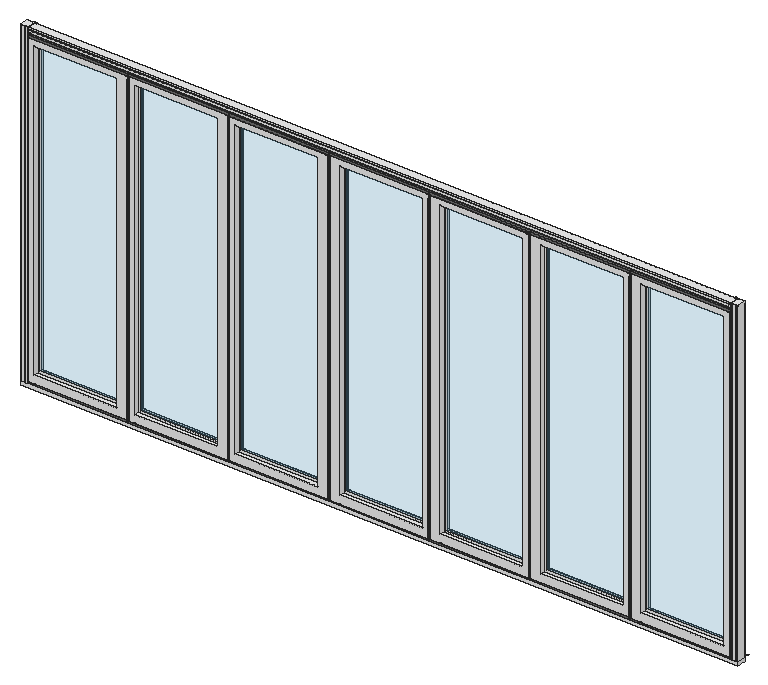
Revit family "Door-NanaWall-Reinforced-647_V1", category Doors, host Wall, Revit 2019
Family settings
  Host = Wall
  OmniClass Number = 23.30.10.17.17
  OmniClass Title = Folding Doors and Grilles
  Always vertical = Yes
  Cut with Voids When Loaded = No
  Shared = No
  Room Calculation Point = No
Parameters (values of type "Standard")
  c Up offset [instance] = 51.00 mm  # constant formula
  c Top Frame width [instance] = Width - c Top Frame Lat Offset * 2  # 5375.40 mm
  c Top Frame Lat Offset = 55.50 mm  # constant formula
  c Stack CL offset [instance] = 49.00 mm  # constant formula
  c Right Multiple Panels [instance] = and(c Closed, Right Stack Actual > 1)  # yes
  c Left Multiple Panels [instance] = and(c Closed, Left Stack Actual > 1)  # yes
  c Lat Stack Second Panel Offset [instance] = 105.00 mm  # constant formula
  c Lat Stack Panel first Offset [instance] = 66.50 mm  # constant formula
  c Lat Panel offset [instance] = 55.50 mm  # constant formula
  c Lat Open Angle Panel right [instance] = (c Lat Stack Second Panel Offset * Right Stack Array)  # 420.00 mm
  c Lat Open Angle Panel left [instance] = (c Lat Stack Second Panel Offset * Left Stack Array)  # 210.00 mm
  c Hinge Right Open Single Interior [instance] = if(Open, or(Right Stack Actual = 1, Right Stack Actual = 2), 1 = 0)  # no
  c Hinge Right Open Single Exterior [instance] = if(Open, or(Right Stack Actual = 2, Right Stack Actual = 3), 1 = 0)  # no
  c Hinge Right Open Multiple Exterior [instance] = if(Open, or(Right Stack Actual > 3, Right Stack Actual > 4), 1 = 0)  # no
  c Hinge Right Open Multiple  Interior [instance] = if(Open, or(Right Stack Actual = 3, Right Stack Actual > 3), 1 = 0)  # no
  c Hinge Right Closed Single Interior [instance] = if(not(Open), or(Right Stack Actual = 1, Right Stack Actual = 2), 1 = 0)  # no
  c Hinge Right Closed Single Exterior [instance] = if(not(Open), or(Right Stack Actual = 2, Right Stack Actual = 3), 1 = 0)  # no
  c Hinge Right Closed Multiple Interior [instance] = if(not(Open), or(Right Stack Actual = 3, Right Stack Actual > 3), 1 = 0)  # yes
  c Hinge Right Closed Multiple Exterior [instance] = if(not(Open), or(Right Stack Actual > 3, Right Stack Actual > 4), 1 = 0)  # yes
  c Hinge Panel Width Double [instance] = Panel Width * 2  # 1535.829 mm
  c Hinge Offset = 33.60 mm  # constant formula
  c Hinge Left Open Single Interior [instance] = if(Open, or(Left Stack Actual = 1, Left Stack Actual = 2), 1 = 0)  # no
  c Hinge Left Open Single Exterior [instance] = if(Open, or(Left Stack Actual = 2, Left Stack Actual = 3), 1 = 0)  # no
  c Hinge Left Open Multiple Exterior [instance] = if(Open, or(Left Stack Actual > 3, Left Stack Actual > 4), 1 = 0)  # no
  c Hinge Left Open Multiple  Interior [instance] = if(Open, or(Left Stack Actual = 3, Left Stack Actual > 3), 1 = 0)  # no
  c Hinge Left Closed Single Interior [instance] = if(not(Open), or(Left Stack Actual = 1, Left Stack Actual = 2), 1 = 0)  # no
  c Hinge Left Closed Single Exterior [instance] = if(not(Open), or(Left Stack Actual = 2, Left Stack Actual = 3), 1 = 0)  # yes
  c Hinge Left Closed Multiple Exterior [instance] = if(not(Open), or(Left Stack Actual > 3, Left Stack Actual > 4), 1 = 0)  # no
  c Hinge Left CLosed Multiple Interior [instance] = if(not(Open), or(Left Stack Actual = 3, Left Stack Actual > 3), 1 = 0)  # yes
  c Hinge Array Right Multiple Interior [instance] = if(or(Right Stack Actual = 3, Right Stack Actual > 3), c Hinge Array Right Interior Safe, 2)  # 2
  c Hinge Array Right Multiple Exterior [instance] = if(or(Right Stack Actual = 4, Right Stack Actual > 3), c Hinge Array Right Exterior Safe, 2)  # 2
  c Hinge Array Right Interior Safe [instance] = roundup(Right Stack Actual / 2)  # 2
  c Hinge Array Right Exterior Safe [instance] = rounddown(Right Stack Actual / 2)  # 2
  c Hinge Array Left Multiple Interior [instance] = if(or(Left Stack Actual = 3, Left Stack Actual > 3), c Hinge Array Left Interior Safe, 2)  # 2
  c Hinge Array Left Multiple Exterior [instance] = if(or(Left Stack Actual = 4, Left Stack Actual > 3), c Hinge Array Left Exterior Safe, 2)  # 2
  c Hinge Array Left Interior Safe [instance] = roundup(Left Stack Actual / 2)  # 2
  c Hinge Array Left Exterior Safe [instance] = rounddown(Left Stack Actual / 2)  # 1
  c Half Panel Height [instance] = Panel Height / 2  # 1193.70 mm
  c Front offset [instance] = Exterior Wall Offset + 500.00 mm  # 500.00 mm
  c Down Offset = if(Constraints = 1, 0.00 mm, if(Constraints = 2, 12.50 mm, if(Constraints = 3, 2.00 mm, 12.50 mm)))  # 0.00 mm
  Y N Override Stack [instance] = no
  Y N Override Number of Panels [instance] = no
  Width [instance] = 5486.40 mm
  Warranty URL = "http://www.nanawall.com/support/warranty"
  Thickness = 67.20 mm  # constant formula
  Support Phone = "1-224-699-9545"  # constant formula
  Support Email = "mailto: support@anguleris.com"
  Single Right Arrow [instance] = and(Right Stack Actual = 1, not(Open))  # no
  Single Left Arrow [instance] = and(Left Stack Actual = 1, not(Open))  # no
  Sill = Metal - NanaWall - Aluminum
  Rough Width [instance] = Width - (2 * (c Lat Panel offset))  # 5375.40 mm
  Rough Height [instance] = Height - 50.998 mm  # 2387.402 mm
  Right Stack Swing Visivility [instance] = if(and(Open, not(Right Even Constraint), not(Single Right Stack)), 1 = 1, 1 = 0)  # no
  Right Stack Swing Location [instance] = (Panel Width * Right Stack Array)  # 3071.657 mm
  Right Even Constraint [instance] = roundup(Right Stack Actual / 2) = Right Stack Actual / 2  # yes
  Right Detail Door Panel [instance] = and(not(Single Panel), if(Open, 1 = 0, if(roundup(Right Stack Actual / 2) = Right Stack Actual / 2, 1 = 0, 1 = 1)))  # no
  Panels Array Constraint [instance] = if(Panels < 2, 2, Panels)  # 7
  Panel Number Constraint [instance] = if(Width < 1397.00 mm, 2, if(Width < 2082.80 mm, 2, if(Width < 2794.00 mm, 3, if(Width < 3479.80 mm, 4, if(Width < 4216.40 mm, 5, if(Width < 4876.80 mm, 6, if(Width < 5588.00 mm, 7, if(Width < 6273.80 mm, 8, if(Width < 6959.60 mm, 10, if(Width < 10058.40 mm, 11, if(Width < 10972.80 mm, 12, if(Width < 11887.20 mm, 13, if(Width < 12801.60 mm, 14, if(Width < 13716.00 mm, 15, if(Width < 14630.40 mm, 16, if(Width < 15544.80 mm, 17, if(Width < 16459.20 mm, 18, if(Width < 17373.60 mm, 19, if(Width < 18288.00 mm, 20, 21)))))))))))))))))))  # 7
  Left Detail Door Panel [instance] = and(not(Single Panel), if(Open, 1 = 0, if(roundup(Left Stack Actual / 2) = Left Stack Actual / 2, 1 = 0, 1 = 1)))  # yes
  Left Detail Door [instance] = if(Open, 1 = 0, if(roundup(Left Stack Actual / 2) = Left Stack Actual / 2, 1 = 0, 1 = 1))  # yes
  URL = "http://www.nanawall.com/"
  U Value = 0.27
  Subcategory = "Folding Door"  # constant formula
  Split Stack Right [instance] = 2
  Split Stack Left [instance] = if(Panels - Split Stack Right < 0, 0, if(Panels - Split Stack Right > Panels, Panels, Panels - Split Stack Right))  # 5
  Single Right Stack [instance] = and(Right Stack Actual = 1, Open)  # no
  Single Panel [instance] = if(and(not(Open), Width < 992.188 mm), 1 = 1, if(Width > 990.60 mm, 1 = 0, 1 = 0))  # no
  Single Left Stack [instance] = and(Left Stack Actual = 1, Open)  # no
  Sills Available = "Low Profile Saddle Sill, Intermediate Sill, Flush Sill, Low Profile Saddle Sill  Universill"  # constant formula
  Sash = Metal - NanaWall - Aluminum
  Right Detail Door [instance] = if(Open, 1 = 0, if(roundup(Right Stack Actual / 2) = Right Stack Actual / 2, 1 = 0, 1 = 1))  # no
  Right Stack Array [instance] = if(Right Stack Actual < 2, 2, if(not(Right Even Constraint), Right Stack Actual - 1, Right Stack Actual))  # 4
  Right Stack Actual [instance] = if(not(Y N Override Stack), roundup(Panels / 2), if(Split Stack Right < 0, 0, if(Split Stack Right > Panels, Panels, Split Stack Right)))  # 4
  Product Page URL = "https://www.nanawall.com/products/nw-reinforced-647"
  Performance URL = "https://www.nanawall.com/products/nw-reinforced-647/performance"
  Panels [instance] = if(Y N Override Number of Panels, Override Number of Panels, Panel Number Constraint)  # 7
  Panel Width [instance] = (Width - c Lat Panel offset * 2) / Panels  # 767.914 mm
  Panel Height [instance] = Height Constraint - (c Up offset + c Down Offset)  # 2387.40 mm
  Override Number of Panels [instance] = 6
  Opening Width [instance] = Width - (c Lat Panel offset * 2)  # 5375.40 mm
  Open [instance] = no
  NanaWall Configurator = ""
  Multiple Right Stack [instance] = and(Right Stack Actual > 1, Open)  # no
  Multiple Panel [instance] = if(and(Open, Width > 992.188 mm), 1 = 0, if(and(not(Open), Width > 992.188 mm), 1 = 1, if(Width < 990.60 mm, 1 = 0, 1 = 1)))  # yes
  Multiple Left Stack [instance] = and(Left Stack Actual > 1, Open)  # no
  Model = "NW Reinforced 647"  # constant formula
  Max Panel Height [instance] = if(Panel Height > 2895.60 mm, 2895.60 mm, Panel Height)  # 2387.40 mm
  Manufacturer Toll Free Phone = "(888) 411-NANA(6262)"  # constant formula
  Manufacturer Phone = "(415) 383-3148"  # constant formula
  Manufacturer Fax = "(415) 383-0312"  # constant formula
  Manufacturer Email = "mailto:info@nanawall.com"
  Manufacturer Address = "100 Meadowcreek Drive #250, Corte Madera, CA 94925"  # constant formula
  Manufacturer = "NanaWall Systems, Inc."  # constant formula
  Left Stack Width [instance] = Left Stack Array * Thickness  # 134.40 mm
  Left Stack Swing Visivility [instance] = if(and(Open, not(Left Even Constraint), not(Single Left Stack)), 1 = 1, 1 = 0)  # no
  Left Stack Swing Location [instance] = (Panel Width * Left Stack Actual)  # 2303.743 mm
  Left Stack Array [instance] = if(Left Stack Actual < 2, 2, if(not(Left Even Constraint), Left Stack Actual - 1, Left Stack Actual))  # 2
  Left Stack Actual [instance] = if(not(Y N Override Stack), rounddown(Panels / 2), if(Split Stack Left < 0, 0, if(Split Stack Left > Panels, Panels, Split Stack Left)))  # 3
  Left Even Constraint [instance] = roundup(Left Stack Actual / 2) = Left Stack Actual / 2  # no
  Keynote = "08 14 73"  # constant formula
  Installation and Service URL = "http://www.nanawall.com/support/installer"
  Height Constraint [instance] = if(Height < 990.60 mm, 990.60 mm, if(Height > 2895.60 mm, 2895.60 mm, Height))  # 2438.40 mm
  Wall Closure = By host
  Height [instance] = 2438.40 mm
  Half Panel Width [instance] = Panel Width / 2  # 383.957 mm
  Glazing Options = ""
  Glass Material = Glass - NanaWall - Generic
  Filler = Rubber - NanaWall - Black
  Exterior Wall Offset [instance] = 0.00 mm
  Engineering Details URL = "https://www.nanawall.com/products/nw-reinforced-647/resources"
  Right Detail Door Location [instance] = Panel Width * Right Stack Actual  # 3071.657 mm
  Left Detail Door Location [instance] = Panel Width * Left Stack Actual  # 2303.743 mm
  Disclaimer = "Please note that the Revit model is for schematic purposes only.  To obtain a detailed 3D model, please go to the NanaWall's configurator at www.nanawall.com."  # constant formula
  Description = "Slim Aluminum Framed Folding Glass Wall for Mid-Rise Buildings"  # constant formula
  Cost Info = "https://www.nanawall.com/request-an-estimate"
  Constraints = 1
  Clearance On [instance] = no
  c Closed [instance] = not(Open)  # yes
  Assembly Code = "B2050.4010"
  Multiple Right Arrows [instance] = and(Right Stack Actual > 1, not(Open))  # yes
  Multiple Left Arrows [instance] = and(Left Stack Actual > 1, not(Open))  # yes
  Analytic Construction = "<None>"
  95 CSI = "8411"  # constant formula
  04 CSI = "08 41 13"  # constant formula
Reference planes
  plane 1 "Center (Front/Back)": y = 9
  plane 2 "Center (Left/Right)": x = 0
  plane 3 "Top": z = 2438.4
  plane 4: z = 0
  plane 5 "Left": x = -2743.2
  plane 6 "Right": x = 2743.2
  plane 7: z = 0
  plane 8: z = 2387.4
  plane 9: y = -423.8
  plane 10: y = 42.6
  plane 11: y = 76.2
  plane 12: x = 2687.7
  plane 13: x = -2687.7
  plane 14: x = -2676.7
  plane 15: y = -6.4
  plane 16: x = -2571.7
  plane 17: x = 2676.7
  plane 18: x = 2571.7
  plane 19: x = -2466.7
  plane 20: x = 2256.7
  plane 21: x = -1919.786
  plane 22: x = -383.957
  plane 23: x = -383.957
  plane 24: x = -2303.743
  plane 25: x = -1535.829
  plane 26: x = 2303.743
  plane 27: x = 1535.829
  plane 28: z = 1193.7
  plane 29: y = 191.562
  plane 30: x = 1919.786
  plane 31: x = 2687.7
  plane 32: x = -2687.7
  plane 33: y = 76.2
  plane 34: x = -2695.6
  plane 35: x = -2485.6
  plane 36: x = -2590.6
  plane 37: x = -2380.6
  plane 38: x = 2695.6
  plane 39: x = 2485.6
  plane 40: x = 2590.6
  plane 41: x = 2380.6
Lines and regions (mm)
  Opening 1
    outline origin (-2108.2, -76.2, 0) x (1, 0, 0) y (0, 0, 1)
      loop
        line (-635, 0) -> (4851.4, 0) -> (4851.4, 2438.4) -> (-635, 2438.4) -> (-635, 0)
  reference lines
    curve 1: line (-2466.7, -6.4, 0) -> (-2371.642, -780.586, 0)
    curve 2: line (-2466.7, -6.4, 0) -> (-2454.557, -4.909, 0)
    curve 3: line (2256.7, -6.4, 0) -> (2227.451, -244.611, 0)
    curve 4: line (2256.7, -6.4, 0) -> (2197.147, 0.912, 0)
Text (mm)
  text "Exterior" at (-3623.391, 1972.959, 0), in view "Ref. Level"
  text "Interior" at (-3623.391, -1928.858, 0), in view "Ref. Level"
  text "Exterior" at (0, 1019.848, 3124.603), in view "Right"
  text "Interior" at (0, -1635.541, 3124.603), in view "Right"
  text "Interior" at (0, -787.806, 3124.376), in view "Left"
  text "Exterior" at (0, 1386.095, 3124.376), in view "Left"
Dimensions and locks
  "Height Constraint": plane 4 to plane 3 "Top"
  "Width": plane 6 "Right" to plane 5 "Left"
  equal spacing: plane 6 "Right", plane 2 "Center (Left/Right)", plane 5 "Left"
  "c Up offset": plane 3 "Top" to plane 8
  "c Down Offset": plane 7 to plane 4
  equal spacing: plane 1 "Center (Front/Back)", plane 10, plane 11
  "Thickness": plane 1 "Center (Front/Back)" to plane 11
  "c Lat Panel offset": plane 5 "Left" to plane 13
  "c Lat Panel offset": plane 12 to plane 6 "Right"
  "c Lat Stack Panel first Offset": plane 5 "Left" to plane 14
  "c Stack CL offset": plane 10 to plane 15
  "c Lat Stack Second Panel Offset": plane 14 to plane 16
  "c Lat Stack Second Panel Offset": plane 17 to plane 18
  "c Lat Stack Panel first Offset": plane 17 to plane 6 "Right"
  "c Lat Open Angle Panel left": plane 14 to plane 19
  "Panel Width": plane 13 to plane 21
  "Half Panel Width": plane 13 to plane 24
  "Panel Width": plane 24 to plane 25
  "Half Panel Width": plane 26 to plane 12
  "Panel Width": plane 27 to plane 26
  equal spacing: group 21, group 20, group 5, group 4
  equal spacing: group 4, group 5, group 20, group 21  (x2)
  group 6 to group 7 = 767.914 mm
  group 6 to group 7 = 0.00 mm  (x2)
  group 8 to group 9 = 105.00 mm
  group 8 to group 9 = 0.00 mm  (x2)
  "Left Stack Swing Location": plane 13 to plane 23
  "Right Detail Door Location": plane 22 to plane 12
  "c Half Panel Height": plane 7 to plane 28
  group 10 to group 11 = 767.914 mm
  group 10 to group 11 = 0.00 mm  (x2)
  equal spacing: group 23, group 22, group 13, group 12
  equal spacing: group 12, group 13, group 22, group 23  (x2)
  locked: plane 1 "Center (Front/Back)" to plane 29 at 182.562
  equal spacing: group 25, group 24, group 15, group 14
  equal spacing: group 14, group 15, group 24, group 25  (x2)
  group 16 to group 17 = 767.914 mm
  group 16 to group 17 = 0.00 mm  (x2)
  equal spacing: group 27, group 26, group 19, group 18
  equal spacing: group 18, group 19, group 26, group 27  (x2)
  "Panel Width": plane 30 to plane 12
  "c Top Frame Lat Offset": plane 6 "Right" to plane 31
  "c Top Frame Lat Offset": plane 32 to plane 5 "Left"
  locked: plane 9 to plane 33 at 500
  "c Front offset": plane 11 to plane 9
  group 28 to group 29 = 1535.829 mm
  group 28 to group 29 = 0.00 mm  (x2)
  "c Hinge Panel Width Double": nested 51 to nested 57
  group 30 to group 31 = 1535.829 mm
  group 30 to group 31 = 0.00 mm  (x2)
  "c Hinge Panel Width Double": nested 49 to nested 58
  group 33 to group 32 = 1535.829 mm
  group 32 to group 33 = 0.00 mm  (x2)
  "c Hinge Panel Width Double": nested 59 to nested 56
  group 35 to group 34 = 1535.829 mm
  group 34 to group 35 = 0.00 mm  (x2)
  "c Hinge Panel Width Double": nested 60 to nested 54
  "c Lat Open Angle Panel right": plane 20 to plane 17
  locked: plane 34 to plane 14 at 18.9
  locked: plane 34 to plane 35 at 210
  group 36 to group 37 = 210.00 mm
  group 36 to group 37 = 0.00 mm  (x2)
  locked: plane 36 to plane 16 at 18.9
  locked: plane 36 to plane 37 at 210
  group 38 to group 39 = 210.00 mm
  group 38 to group 39 = 0.00 mm  (x2)
  locked: plane 17 to plane 38 at 18.9
  locked: plane 39 to plane 38 at 210
  group 41 to group 40 = 210.00 mm
  group 40 to group 41 = 0.00 mm  (x2)
  locked: plane 18 to plane 40 at 18.9
  locked: plane 41 to plane 40 at 210
  group 43 to group 42 = 210.00 mm
  group 42 to group 43 = 0.00 mm  (x2)
  locked: plane 15 to curve 2 (angle 7.00°)
  locked: curve 1 to curve 2 (angle 90.00°)
  locked: curve 4 to plane 15 (angle 7.00°)
  locked: curve 4 to curve 3 (angle 90.00°)
  aligned and locked: plane 5 "Left" to Opening 1 sketch curve
  aligned and locked: Opening 1 sketch curve to plane 3 "Top"
  aligned and locked: Opening 1 sketch curve to plane 6 "Right"
  aligned and locked: plane 4 to Opening 1 sketch curve
  aligned and locked: nested 8 to plane 6 "Right"
  aligned and locked: plane 3 "Top" to nested 8
  aligned and locked: nested 7 to plane 3 "Top"
  aligned and locked: nested 9 to plane 3 "Top"
  aligned and locked: nested 9 to plane 10
  aligned and locked: nested 7 to plane 10
  aligned and locked: plane 10 to nested 8
  aligned and locked: nested 10 to plane 17
  aligned and locked: nested 10 to plane 7
  aligned and locked: nested 11 to plane 7
  aligned and locked: nested 7 to plane 5 "Left"
  aligned and locked: nested 12 to plane 10
  aligned and locked: plane 7 to nested 12
  aligned and locked: nested 12 to plane 13
  aligned and locked: nested 10 to plane 15
  aligned and locked: nested 11 to plane 15
  aligned and locked: plane 15 to nested 16
  aligned and locked: plane 14 to nested 16
  aligned and locked: plane 7 to nested 16
  aligned and locked: nested 14 to plane 7
  aligned and locked: plane 7 to nested 15
  aligned and locked: nested 14 to plane 15
  aligned and locked: nested 14 to plane 17
  aligned and locked: plane 15 to curve 2
  aligned and locked: plane 19 to curve 2
  aligned and locked: nested 15 to curve 1
  aligned and locked: nested 15 to curve 2
  aligned and locked: plane 20 to curve 3
  aligned and locked: plane 15 to curve 3
  aligned and locked: nested 17 to curve 3
  aligned and locked: nested 17 to curve 4
  aligned and locked: nested 17 to plane 7
  aligned and locked: plane 1 "Center (Front/Back)" to nested 13
  aligned and locked: plane 26 to nested 18
  aligned and locked: plane 27 to nested 19
  aligned and locked: plane 24 to nested 20
  aligned and locked: plane 25 to nested 21
  aligned and locked: nested 22 to plane 14  (x2)
  aligned and locked: plane 15 to nested 22
  aligned and locked: plane 15 to nested 23
  aligned and locked: nested 22 to plane 7
  aligned and locked: nested 23 to plane 7
  aligned and locked: nested 24 to plane 1 "Center (Front/Back)"
  aligned and locked: nested 1 to plane 7
  aligned and locked: plane 7 to nested 2
  aligned and locked: plane 29 to nested 20
  aligned and locked: plane 29 to nested 21
  aligned and locked: nested 18 to plane 29
  aligned and locked: nested 19 to plane 29
  aligned and locked: plane 24 to nested 25
  aligned and locked: plane 29 to nested 25
  aligned and locked: plane 26 to nested 26
  aligned and locked: nested 26 to plane 29
  aligned and locked: nested 13 to plane 23
  aligned and locked: nested 24 to plane 22
  aligned and locked: nested 2 to plane 23
  aligned and locked: nested 1 to plane 23
  aligned and locked: nested 27 to plane 24
  aligned and locked: plane 28 to nested 27
  aligned and locked: nested 29 to plane 24
  aligned and locked: plane 28 to nested 29
  aligned and locked: nested 30 to plane 28
  aligned and locked: nested 30 to plane 26
  aligned and locked: nested 32 to plane 28
  aligned and locked: nested 32 to plane 26
  aligned and locked: nested 28 to plane 25
  aligned and locked: nested 31 to plane 27
  aligned and locked: nested 31 to plane 28
  aligned and locked: plane 28 to nested 28
  aligned and locked: nested 11 to plane 17
  aligned and locked: nested 33 to plane 15
  aligned and locked: plane 18 to nested 33
  aligned and locked: plane 7 to nested 33
  aligned and locked: nested 34 to plane 7
  aligned and locked: nested 34 to plane 13
  aligned and locked: nested 35 to plane 21
  aligned and locked: nested 35 to plane 7
  aligned and locked: plane 12 to nested 36
  aligned and locked: plane 7 to nested 36
  aligned and locked: plane 7 to nested 37
  aligned and locked: plane 1 "Center (Front/Back)" to nested 36
  aligned and locked: plane 1 "Center (Front/Back)" to nested 37
  aligned and locked: nested 34 to plane 1 "Center (Front/Back)"
  aligned and locked: nested 37 to plane 30
  aligned and locked: nested 39 to plane 23
  aligned and locked: nested 38 to plane 22
  aligned and locked: plane 7 to nested 38
  aligned and locked: nested 39 to plane 7
  aligned and locked: nested 39 to plane 1 "Center (Front/Back)"
  aligned and locked: plane 1 "Center (Front/Back)" to nested 38
  aligned and locked: nested 35 to plane 1 "Center (Front/Back)"
  aligned and locked: plane 16 to nested 23
  aligned and locked: plane 31 to nested 9
  aligned and locked: plane 33 to host wall
  aligned and locked: nested 48 to plane 10
  aligned and locked: plane 1 "Center (Front/Back)" to nested 52
  aligned and locked: plane 32 to nested 52
  aligned and locked: plane 32 to nested 51
  aligned and locked: plane 1 "Center (Front/Back)" to nested 51
  aligned and locked: nested 51 to nested 57
  aligned and locked: plane 11 to nested 50
  aligned and locked: plane 21 to nested 50
  aligned and locked: plane 21 to nested 49
  aligned and locked: plane 11 to nested 49
  aligned and locked: nested 49 to nested 58
  aligned and locked: plane 31 to nested 55
  aligned and locked: nested 55 to plane 1 "Center (Front/Back)"
  aligned and locked: plane 31 to nested 56
  aligned and locked: nested 56 to plane 1 "Center (Front/Back)"
  aligned and locked: nested 56 to nested 59
  aligned and locked: plane 30 to nested 53
  aligned and locked: nested 53 to plane 11
  aligned and locked: plane 30 to nested 54
  aligned and locked: nested 54 to plane 11
  aligned and locked: nested 54 to nested 60
  aligned and locked: nested 62 to plane 34
  aligned and locked: nested 62 to plane 15
  aligned and locked: nested 61 to plane 34
  aligned and locked: nested 61 to plane 15
  aligned and locked: nested 61 to nested 69
  aligned and locked: nested 69 to plane 35
  aligned and locked: nested 64 to plane 36
  aligned and locked: nested 22 to nested 64
  aligned and locked: nested 63 to nested 23
  aligned and locked: nested 63 to plane 36
  aligned and locked: nested 63 to nested 70
  aligned and locked: nested 70 to plane 37
  aligned and locked: nested 66 to plane 15
  aligned and locked: nested 66 to plane 38
  aligned and locked: nested 65 to plane 15
  aligned and locked: nested 65 to plane 38
  aligned and locked: nested 71 to plane 39
  aligned and locked: nested 67 to plane 40
  aligned and locked: nested 67 to nested 11
  aligned and locked: nested 68 to plane 40
  aligned and locked: nested 33 to nested 68
  aligned and locked: nested 72 to nested 68
  aligned and locked: nested 72 to plane 41
  aligned and locked: nested 71 to nested 65
Nested families
  nested 1: "DetailItem_Door_Elevation" at (385.107, -76.2, 2327.512) x (-1, 0, 0) z (0, -1, 0), visible <- "Right Detail Door", type "DetailItem_Door_Elevation"
    with Panel Width 767.914 mm, Panel Heigth 2387.40 mm
  nested 2: "DetailItem_Door_Elevation" at (-1153.021, -76.2, 2327.512) x (1, 0, 0) z (0, -1, 0), visible <- "Left Detail Door", type "DetailItem_Door_Elevation"
    with Panel Width 767.914 mm, Panel Heigth 2387.40 mm
  nested 3: "Sash" at (-804.034, -377.645, 0) x (-0.1219, 0.9925, 0) z (0, 0, 1), visible <- "Left Stack Swing Visivility", type "Sash_SL-60_NanaWall", not visible
    with Width 767.914 mm, Height 2387.40 mm
  nested 4: "DetailItem_Panel" at (-1007.517, -388.438, 0) x (-0.9925, -0.1219, 0) z (0, 0, 1), visible <- "Left Stack Swing Visivility", type "DetailItem_Panel", not visible
    with Panel Thickness 90.488 mm, Panel Width 767.914 mm
  nested 5: "Sash" at (807.749, -485.405, 0) x (0.1219, 0.9925, 0) z (0, 0, 1), visible <- "Right Stack Swing Visivility", type "Sash_SL-60_NanaWall", not visible
    with Width 767.914 mm, Height 2387.40 mm
  nested 6: "DetailItem_Panel" at (1011.231, -496.199, 0) x (0.9925, -0.1219, 0) z (0, 0, 1), visible <- "Right Stack Swing Visivility", type "DetailItem_Panel", not visible
    with Panel Thickness 90.488 mm, Panel Width 767.914 mm
  nested 7: "Jamb" at (-2557.727, 49.152, 0), type "Left-Jamb_SL-60"
    with Height 2438.40 mm
  nested 8: "Jamb" at (2557.727, 49.152, 0) x (-1, 0, 0) z (0, 0, 1), type "Left-Jamb_SL-60"
    with Height 2438.40 mm
  nested 9: "Header" at (185.473, 55.129, 2438.4), type "Header_SL-60"
    with Width 5375.40 mm, Height 2438.40 mm
  nested 10: "Sash" at (2849.675, -390.044, 0) x (0, -1, 0) z (0, 0, 1), visible <- "Multiple Right Stack", type "Sash_SL-60_NanaWall"
    with Width 767.914 mm, Height 2387.40 mm
  nested 11: "Sash" at (2849.675, -390.044, 0) x (0, -1, 0) z (0, 0, 1), visible <- "Multiple Right Stack", type "Sash_SL-60_NanaWall"
    with Width 767.914 mm, Height 2387.40 mm
  nested 12: "Sash" at (-0.314, -163.975, 0), visible <- "Single Panel", type "Sash_SL-60_NanaWall full"
    with Width 5375.40 mm, Height 2387.40 mm
  nested 13: "DetailItem_Door_Plan" at (-1153.021, -50.888, 0), visible <- "Left Detail Door", type "DetailItem_Door_Plan"
    with Panel Width 767.914 mm, C_Arrow 383.957 mm
  nested 14: "Sash" at (2849.675, -390.044, 0) x (0, -1, 0) z (0, 0, 1), visible <- "Single Right Stack", type "Sash_SL-60_NanaWall"
    with Width 767.914 mm, Height 2387.40 mm
  nested 15: "Sash" at (-2591.631, -408.264, 0) x (0.1219, -0.9925, 0) z (0, 0, 1), visible <- "Left Stack Swing Visivility", type "Sash_SL-60_NanaWall"
    with Width 767.914 mm, Height 2387.40 mm
  nested 16: "Sash" at (-2849.675, -390.044, 0) x (0, -1, 0) z (0, 0, 1), visible <- "Single Left Stack", type "Sash_SL-60_NanaWall"
    with Width 767.914 mm, Height 2387.40 mm
  nested 17: "Sash" at (2381.631, -408.264, 0) x (-0.1219, -0.9925, 0) z (0, 0, 1), visible <- "Right Stack Swing Visivility", type "Sash_SL-60_NanaWall"
    with Width 767.914 mm, Height 2387.40 mm
  nested 18: "DetailItem_arrow" at (2686.55, 149.851, 0), visible <- "Multiple Right Arrows", type "DetailItem_arrow"
    with Separation constraint 383.957 mm
  nested 19: "DetailItem_arrow" at (1918.636, 149.851, 0), visible <- "Multiple Right Arrows", type "DetailItem_arrow"
    with Separation constraint 383.957 mm
  nested 20: "DetailItem_arrow" at (-2686.55, 149.851, 0) x (-1, 0, 0) z (0, 0, 1), visible <- "Multiple Left Arrows", type "DetailItem_arrow"
    with Separation constraint 383.957 mm
  nested 21: "DetailItem_arrow" at (-1918.636, 149.851, 0) x (-1, 0, 0) z (0, 0, 1), visible <- "Multiple Left Arrows", type "DetailItem_arrow"
    with Separation constraint 383.957 mm
  nested 22: "Sash" at (-2849.675, -390.671, 0) x (0, 1, 0) z (0, 0, 1), visible <- "Multiple Left Stack", type "Sash_SL-60_NanaWall"
    with Width 767.914 mm, Height 2387.40 mm
  nested 23: "Sash" at (-2744.675, -390.671, 0) x (0, 1, 0) z (0, 0, 1), visible <- "Multiple Left Stack", type "Sash_SL-60_NanaWall"
    with Width 767.914 mm, Height 2387.40 mm
  nested 24: "DetailItem_Door_Plan" at (385.107, -50.888, 0) x (-1, 0, 0) z (0, 0, 1), visible <- "Right Detail Door", type "DetailItem_Door_Plan"
    with Panel Width 767.914 mm, C_Arrow 383.957 mm
  nested 25: "DetailItem_arrow" at (-2686.55, 149.851, 0) x (-1, 0, 0) z (0, 0, 1), visible <- "Single Left Arrow", type "DetailItem_arrow"
    with Separation constraint 383.957 mm
  nested 26: "DetailItem_arrow" at (2686.55, 149.851, 0), visible <- "Single Right Arrow", type "DetailItem_arrow"
    with Separation constraint 383.957 mm
  nested 27: "DetailItem_arrow" at (-2686.55, -76.2, 1235.412) x (-1, 0, 0) z (0, -1, 0), visible <- "Multiple Left Arrows", type "DetailItem_arrow"
    with Separation constraint 383.957 mm
  nested 28: "DetailItem_arrow" at (-1918.636, -76.2, 1235.412) x (-1, 0, 0) z (0, -1, 0), visible <- "Multiple Left Arrows", type "DetailItem_arrow"
    with Separation constraint 383.957 mm
  nested 29: "DetailItem_arrow" at (-2686.55, -76.2, 1235.412) x (-1, 0, 0) z (0, -1, 0), visible <- "Single Left Arrow", type "DetailItem_arrow"
    with Separation constraint 383.957 mm
  nested 30: "DetailItem_arrow" at (2686.55, -76.2, 1235.412) x (1, 0, 0) z (0, -1, 0), visible <- "Multiple Right Arrows", type "DetailItem_arrow"
    with Separation constraint 383.957 mm
  nested 31: "DetailItem_arrow" at (1918.636, -76.2, 1235.412) x (1, 0, 0) z (0, -1, 0), visible <- "Multiple Right Arrows", type "DetailItem_arrow"
    with Separation constraint 383.957 mm
  nested 32: "DetailItem_arrow" at (2686.55, -76.2, 1235.412) x (1, 0, 0) z (0, -1, 0), visible <- "Single Right Arrow", type "DetailItem_arrow"
    with Separation constraint 383.957 mm
  nested 33: "Sash" at (2744.675, -390.044, 0) x (0, -1, 0) z (0, 0, 1), visible <- "Multiple Right Stack", type "Sash_SL-60_NanaWall"
    with Width 767.914 mm, Height 2387.40 mm
  nested 34: "Sash" at (-2304.056, -163.975, 0), visible <- "c Left Multiple Panels", type "Sash_SL-60_NanaWall"
    with Width 767.914 mm, Height 2387.40 mm
  nested 35: "Sash" at (-1536.142, -163.975, 0), visible <- "c Left Multiple Panels", type "Sash_SL-60_NanaWall"
    with Width 767.914 mm, Height 2387.40 mm
  nested 36: "Sash" at (2304.056, -163.975, 0) x (-1, 0, 0) z (0, 0, 1), visible <- "c Right Multiple Panels", type "Sash_SL-60_NanaWall"
    with Width 767.914 mm, Height 2387.40 mm
  nested 37: "Sash" at (1536.142, -163.975, 0) x (-1, 0, 0) z (0, 0, 1), visible <- "c Right Multiple Panels", type "Sash_SL-60_NanaWall"
    with Width 767.914 mm, Height 2387.40 mm
  nested 38: "Sash" at (0.314, -163.975, 0) x (-1, 0, 0) z (0, 0, 1), visible <- "Right Detail Door Panel", type "Sash_SL-60_NanaWall"
    with Width 767.914 mm, Height 2387.40 mm
  nested 39: "Sash" at (-768.228, -163.975, 0), visible <- "Left Detail Door Panel", type "Sash_SL-60_NanaWall"
    with Width 767.914 mm, Height 2387.40 mm
  nested 40: "DetailItem_arrow" at (1150.721, 149.851, 0), visible <- "Multiple Right Arrows", type "DetailItem_arrow"
    with Separation constraint 383.957 mm
  nested 41: "DetailItem_arrow" at (382.807, 149.851, 0), visible <- "Multiple Right Arrows", type "DetailItem_arrow"
    with Separation constraint 383.957 mm
  nested 42: "DetailItem_arrow" at (1150.721, -76.2, 1235.412) x (1, 0, 0) z (0, -1, 0), visible <- "Multiple Right Arrows", type "DetailItem_arrow"
    with Separation constraint 383.957 mm
  nested 43: "DetailItem_arrow" at (382.807, -76.2, 1235.412) x (1, 0, 0) z (0, -1, 0), visible <- "Multiple Right Arrows", type "DetailItem_arrow"
    with Separation constraint 383.957 mm
  nested 44: "Sash" at (2639.675, -390.044, 0) x (0, -1, 0) z (0, 0, 1), visible <- "Multiple Right Stack", type "Sash_SL-60_NanaWall"
    with Width 767.914 mm, Height 2387.40 mm
  nested 45: "Sash" at (2534.675, -390.044, 0) x (0, -1, 0) z (0, 0, 1), visible <- "Multiple Right Stack", type "Sash_SL-60_NanaWall"
    with Width 767.914 mm, Height 2387.40 mm
  nested 46: "Sash" at (768.228, -163.975, 0) x (-1, 0, 0) z (0, 0, 1), visible <- "c Right Multiple Panels", type "Sash_SL-60_NanaWall"
    with Width 767.914 mm, Height 2387.40 mm
  nested 47: "Sash" at (0.314, -163.975, 0) x (-1, 0, 0) z (0, 0, 1), visible <- "c Right Multiple Panels", type "Sash_SL-60_NanaWall"
    with Width 767.914 mm, Height 2387.40 mm
  nested 48: "Sill" at (185.473, 42.6, 0), type "Sill"
  nested 49: "640_hinge" at (-1919.786, 76.2, 0), visible <- "c Hinge Left Closed Multiple Exterior", type "640_hinge"
  nested 50: "640_hinge" at (-1919.786, 76.2, 0), visible <- "c Hinge Left Closed Single Exterior", type "640_hinge"
  nested 51: "640_hinge" at (-2687.7, 9, 0), visible <- "c Hinge Left CLosed Multiple Interior", type "640_hinge"
  nested 52: "640_hinge" at (-2687.7, 9, 0), visible <- "c Hinge Left Closed Single Interior", type "640_hinge"
  nested 53: "640_hinge" at (1919.786, 76.2, 0) x (-1, 0, 0) z (0, 0, 1), visible <- "c Hinge Right Closed Single Exterior", type "640_hinge"
  nested 54: "640_hinge" at (1919.786, 76.2, 0) x (-1, 0, 0) z (0, 0, 1), visible <- "c Hinge Right Closed Multiple Exterior", type "640_hinge"
  nested 55: "640_hinge" at (2687.7, 9, 0) x (-1, 0, 0) z (0, 0, 1), visible <- "c Hinge Right Closed Single Interior", type "640_hinge"
  nested 56: "640_hinge" at (2687.7, 9, 0) x (-1, 0, 0) z (0, 0, 1), visible <- "c Hinge Right Closed Multiple Interior", type "640_hinge"
  nested 57: "640_hinge" at (-1151.871, 9, 0), visible <- "c Hinge Left CLosed Multiple Interior", type "640_hinge"
  nested 58: "640_hinge" at (-383.957, 76.2, 0), visible <- "c Hinge Left Closed Multiple Exterior", type "640_hinge"
  nested 59: "640_hinge" at (1151.871, 9, 0) x (-1, 0, 0) z (0, 0, 1), visible <- "c Hinge Right Closed Multiple Interior", type "640_hinge"
  nested 60: "640_hinge" at (383.957, 76.2, 0) x (-1, 0, 0) z (0, 0, 1), visible <- "c Hinge Right Closed Multiple Exterior", type "640_hinge"
  nested 61: "640_Open_hinge" at (-2695.6, -6.4, 0), visible <- "c Hinge Left Open Multiple  Interior", type "640_Open_hinge"
  nested 62: "640_Open_hinge" at (-2695.6, -6.4, 0), visible <- "c Hinge Left Open Single Interior", type "640_Open_hinge"
  nested 63: "640_Open_hinge" at (-2590.6, -774.314, 0), visible <- "c Hinge Left Open Multiple Exterior", type "640_Open_hinge"
  nested 64: "640_Open_hinge" at (-2590.6, -774.314, 0), visible <- "c Hinge Left Open Single Exterior", type "640_Open_hinge"
  nested 65: "640_Open_hinge" at (2695.6, -6.4, 0), visible <- "c Hinge Right Open Multiple  Interior", type "640_Open_hinge"
  nested 66: "640_Open_hinge" at (2695.6, -6.4, 0), visible <- "c Hinge Right Open Single Interior", type "640_Open_hinge"
  nested 67: "640_Open_hinge" at (2590.6, -774.314, 0), visible <- "c Hinge Right Open Single Exterior", type "640_Open_hinge"
  nested 68: "640_Open_hinge" at (2590.6, -774.314, 0), visible <- "c Hinge Right Open Multiple Exterior", type "640_Open_hinge"
  nested 69: "640_Open_hinge" at (-2485.6, -6.4, 0), visible <- "c Hinge Left Open Multiple  Interior", type "640_Open_hinge"
  nested 70: "640_Open_hinge" at (-2380.6, -774.314, 0), visible <- "c Hinge Left Open Multiple Exterior", type "640_Open_hinge"
  nested 71: "640_Open_hinge" at (2485.6, -6.4, 0), visible <- "c Hinge Right Open Multiple  Interior", type "640_Open_hinge"
  nested 72: "640_Open_hinge" at (2380.6, -774.314, 0), visible <- "c Hinge Right Open Multiple Exterior", type "640_Open_hinge"
Definition of nested family "Sash"
  Parameters (values of type "Sash_SL-60_NanaWall")
    c Down = 7.00 mm  # constant formula
    Width = 1222.25 mm
    Thickness = 67.20 mm  # constant formula
    Sash = none
    Height = 2035.00 mm
    Glass = none
    Filler = none
    Constraints = 1
    Assembly Code = ""
    Analytic Construction = "<None>"
  Types (3, lengths in mm): name | Width | Height
    Sash_SL-60_NanaWall | 1222.25 | 2035.00
    Sash_SL-60_NanaWall full | 4889.00 | 2035.00
    Sash_SL-60_NanaWall_Full | 2389.00 | 2385.40
  Reference planes
    plane 1 "Center (Front/Back)": y = -206.575
    plane 2 "Bottom": z = 0
    plane 3 "Center (Left/Right)": x = 0.314
    plane 4 "Interior": y = -172.975
    plane 5 "Exterior": y = -240.175
    plane 6 "Left": x = -610.811
    plane 7 "Right": x = 611.439
    plane 8 "Top": z = 2035
    plane 9: x = -330.839
    plane 10: x = -606.311
    plane 11: z = 2020.875
    plane 12: x = 606.939
    plane 13: y = -182.475
    plane 14: y = -230.675
    plane 15: z = 7
    plane 16: x = -574.311
    plane 17: x = 541.44
    plane 18: z = 1988.875
    plane 19: z = 60
    plane 20: x = 331.466
  Forms (mm)
    Sweep 1, solid, material <- "Filler"
      path origin (0, -206.575, 0) x (1, 0, 0) y (0, 0, 1)
        loop
          line (-610.811, 2035) -> (-610.811, 0)
      profile origin (-610.811, -206.575, 1017.5) x (0, -1, 0) y (1, 0, 0)
        loop
          line (-33.6, 0) -> (33.6, 0) -> (33.6, 4.5) -> (-33.6, 4.5) -> (-33.6, 0)
    Sweep 2, solid, material <- "Sash"
      path origin (0, -206.575, 0) x (1, 0, 0) y (0, 0, 1)
        loop
          line (-610.811, 1988.875) -> (-610.811, 7)
      profile origin (-610.811, -206.575, 997.937) x (0, -1, 0) y (1, 0, 0)
        loop
          line (-30.6, 4.5) -> (30.6, 4.5)
          arc (30.6, 4.5) -> (32.721, 5.379) -> (33.6, 7.5) r 3
          line (33.6, 7.5) -> (33.6, 36.5) -> (-33.6, 36.5) -> (-33.6, 7.5)
          arc (-33.6, 7.5) -> (-32.721, 5.379) -> (-30.6, 4.5) r 3
    Extrusion 3, solid, material <- "Glass"
      sketch origin (0, -190.866, 0) x (1, 0, 0) y (0, 0, 1)
        loop
          line (-567.311, 1981.875) -> (-567.311, 67) -> (534.44, 67) -> (534.44, 1981.875) -> (-567.311, 1981.875)
      from 21.409 to 37.409
    Sweep 4, solid, material <- "Filler"
      path origin (0.627, -206.575, 0) x (-1, 0, 0) y (0, 0, 1)
        loop
          line (-610.811, 2035) -> (-610.811, 0)
      profile origin (611.439, -206.575, 1017.5) x (0, -1, 0) y (1, 0, 0)
        loop
          line (-33.6, 0) -> (-33.6, -4.5) -> (33.6, -4.5) -> (33.6, 0) -> (-33.6, 0)
    Sweep 5, solid, material <- "Sash"
      path origin (0, -206.575, 0) x (1, 0, 0) y (0, 0, 1)
        loop
          line (-606.311, 2035) -> (606.939, 2035)
      profile origin (0.314, -206.575, 2035) x (0, 0, 1) y (0, -1, 0)
        loop
          arc (-14.625, -33.6) -> (-14.271, -33.454) -> (-14.125, -33.1) r 0.5
          line (-14.125, -33.1) -> (-14.125, 33.1)
          arc (-14.125, 33.1) -> (-14.271, 33.454) -> (-14.625, 33.6) r 0.5
          line (-14.625, 33.6) -> (-46.125, 33.6) -> (-46.125, -33.6) -> (-14.625, -33.6)
    Sweep 6, solid, material <- "Filler"
      path origin (0, -206.575, 45) x (1, 0, 0) y (0, 0, 1)
        loop
          line (-606.311, 1990) -> (606.939, 1990)
      profile origin (0.314, -206.575, 2035) x (0, 0, 1) y (0, -1, 0)
        loop
          line (0, -33.6) -> (0, 33.6) -> (-14.125, 33.6) -> (-14.125, -33.6) -> (0, -33.6)
    Sweep 7, solid, material <- "Sash"
      path origin (0, -206.575, 4070.65) x (1, 0, 0) y (0, 0, -1)
        loop
          line (-574.311, 4070.65) -> (541.44, 4070.65)
      profile origin (-16.436, -206.575, 0) x (0, 0, 1) y (0, -1, 0)
        loop
          arc (7, -33.1) -> (7.146, -33.454) -> (7.5, -33.6) r 0.5
          line (7.5, -33.6) -> (60, -33.6) -> (60, 33.6) -> (7.5, 33.6)
          arc (7.5, 33.6) -> (7.146, 33.454) -> (7, 33.1) r 0.5
          line (7, 33.1) -> (7, -33.1)
    Sweep 8, solid, material <- "Filler"
      path origin (0, -206.575, 4025.65) x (1, 0, 0) y (0, 0, -1)
        loop
          line (-606.311, 4025.65) -> (606.939, 4025.65)
      profile origin (0.314, -206.575, 0) x (0, 0, 1) y (0, -1, 0)
        loop
          line (0, -33.6) -> (7, -33.6) -> (7, 33.6) -> (0, 33.6) -> (0, -33.6)
    Sweep 9, solid, material <- "Sash"
      path origin (0, -206.575, 0) x (1, 0, 0) y (0, 0, 1)
        loop
          line (-574.311, 1988.875) -> (-574.311, 60) -> (541.44, 60) -> (541.44, 1988.875) -> (-574.311, 1988.875)
      profile origin (-16.436, -206.575, 1988.875) x (0, 0, 1) y (0, -1, 0)
        loop
          line (0, -33.6) -> (0, 33.6) -> (-13, 33.6) -> (-13, 25.7) -> (-30, 25.7) -> (-30, 21.7) -> (-7, 21.7) -> (-7, 5.7) -> (-30, 5.7) -> (-30, 1.7) -> (-13, 1.7) -> (-13, -33.6) -> (0, -33.6)
    Sweep 10, solid, material <- "Sash"
      path origin (0.627, -206.575, 0) x (-1, 0, 0) y (0, 0, -1)
        loop
          line (-610.811, -1988.875) -> (-610.811, -7)
      profile origin (611.439, -206.575, 997.937) x (0, -1, 0) y (1, 0, 0)
        loop
          arc (-30.6, -4.5) -> (-32.721, -5.379) -> (-33.6, -7.5) r 3
          line (-33.6, -7.5) -> (-33.6, -69.998) -> (33.6, -69.998) -> (33.6, -7.5)
          arc (33.6, -7.5) -> (32.721, -5.379) -> (30.6, -4.5) r 3
          line (30.6, -4.5) -> (-30.6, -4.5)
  Cuts and joins
    joined: Sweep 1, Sweep 4, Sweep 6, Sweep 8
    joined: Sweep 2, Sweep 5, Sweep 7, Sweep 9, Sweep 10
  Lines and regions (mm)
    Masking region 1
      outline origin (0, 0, 0) x (1, 0, 0) y (0, 1, 0)
        loop
          line (534.44, -212.275) -> (-567.311, -212.275) -> (-567.311, -228.275) -> (534.44, -228.275) -> (534.44, -212.275)
    Masking region 2
      outline origin (0, 0, 0) x (1, 0, 0) y (0, 1, 0)
        loop
          line (-561.311, -208.275) -> (-561.311, -172.975) -> (-603.311, -172.975)
          arc (-603.311, -172.975) -> (-605.433, -173.854) -> (-606.311, -175.975) r 3
          line (-606.311, -175.975) -> (-606.311, -237.175)
          arc (-606.311, -237.175) -> (-605.433, -239.296) -> (-603.311, -240.175) r 3
          line (-603.311, -240.175) -> (-561.311, -240.175) -> (-561.311, -232.275) -> (-544.311, -232.275) -> (-544.311, -228.275) -> (-567.311, -228.275) -> (-567.311, -212.275) -> (-544.311, -212.275) -> (-544.311, -208.275) -> (-561.311, -208.275)
    Masking region 3
      outline origin (0, 0, 0) x (1, 0, 0) y (0, 1, 0)
        loop
          line (-610.811, -172.975) -> (-610.811, -240.175) -> (-606.311, -240.175) -> (-606.311, -172.975) -> (-610.811, -172.975)
    Masking region 4
      outline origin (0.627, 0, 0) x (0, 1, 0) y (-1, 0, 0)
        loop
          line (-208.275, -527.813) -> (-208.275, -510.813) -> (-212.275, -510.813) -> (-212.275, -533.813) -> (-228.275, -533.813) -> (-228.275, -510.813) -> (-232.275, -510.813) -> (-232.275, -527.813) -> (-240.175, -527.813) -> (-240.175, -603.311)
          arc (-240.175, -603.311) -> (-239.296, -605.433) -> (-237.175, -606.311) r 3
          line (-237.175, -606.311) -> (-175.975, -606.311)
          arc (-175.975, -606.311) -> (-173.854, -605.433) -> (-172.975, -603.311) r 3
          line (-172.975, -603.311) -> (-172.975, -527.813) -> (-208.275, -527.813)
    Masking region 5
      outline origin (0.627, 0, 0) x (0, 1, 0) y (-1, 0, 0)
        loop
          line (-172.975, -610.811) -> (-172.975, -606.311) -> (-240.175, -606.311) -> (-240.175, -610.811) -> (-172.975, -610.811)
    Masking region 6
      outline origin (0, 0, 0) x (1, 0, 0) y (0, 1, 0)
        loop
          line (-561.311, -208.275) -> (-544.311, -208.275) -> (-544.311, -212.275) -> (511.44, -212.275) -> (511.44, -208.275) -> (528.44, -208.275) -> (528.44, -172.975) -> (-561.311, -172.975) -> (-561.311, -208.275)
        loop
          line (-561.311, -240.175) -> (528.44, -240.175) -> (528.44, -232.275) -> (511.44, -232.275) -> (511.44, -228.275) -> (-544.311, -228.275) -> (-544.311, -232.275) -> (-561.311, -232.275) -> (-561.311, -240.175)
  Text (mm)
    text "INTERIOR" at (-1483.81, 258.945, 0), in view "Ref. Level"
    text "EXTERIOR" at (-1483.81, -509.045, 0), in view "Ref. Level"
  Dimensions and locks
    equal spacing: plane 6 "Left", plane 3 "Center (Left/Right)", plane 7 "Right"
    "Thickness": plane 4 "Interior" to plane 5 "Exterior"
    "Height": plane 8 "Top" to level
    "Width": plane 6 "Left" to plane 7 "Right"
    equal spacing: plane 4 "Interior", plane 1 "Center (Front/Back)", plane 5 "Exterior"
    plane 4 "Interior" to plane 1 "Center (Front/Back)" to plane 5 "Exterior" = 33.60 mm, 33.60 mm
    locked: plane 6 "Left" to plane 10 at 4.5
    locked: plane 12 to plane 7 "Right" at 4.5
    locked: plane 4 "Interior" to plane 13 at 9.5
    locked: plane 14 to plane 5 "Exterior" at 9.5
    "c Down": plane 15 to plane 2 "Bottom"
    locked: plane 8 "Top" to plane 11 at 14.125
    locked: plane 6 "Left" to plane 16 at 36.5
    plane 17 to plane 7 "Right" = 69.998 mm
    plane 8 "Top" to Sweep 5 sketch curve to Sweep 5 sketch curve = 14.125 mm locked, 32.00 mm locked
    locked: plane 8 "Top" to plane 18 at 46.125
    Sweep 9 sketch curve to Sweep 9 sketch curve to Sweep 9 sketch curve to profile plane = 17.00 mm locked, 6.00 mm locked, 7.00 mm locked
    locked: plane 19 to plane 15 at 53
    aligned and locked: plane 6 "Left" to Sweep 1 sketch curve  (x2)
    aligned and locked: level to Sweep 1 sketch curve
    aligned and locked: Sweep 1 sketch curve to plane 10
    aligned and locked: plane 6 "Left" to Sweep 2 sketch curve
    aligned and locked: plane 7 "Right" to Sweep 4 sketch curve
    aligned and locked: plane 8 "Top" to Sweep 6 sketch curve
    aligned and locked: plane 12 to Sweep 6 sketch curve
    aligned and locked: plane 10 to Sweep 6 sketch curve
    aligned and locked: level to Sweep 8 sketch curve
    aligned and locked: level to Sweep 7 sketch curve
    aligned and locked: plane 15 to Sweep 8 sketch curve
    aligned and locked: Sweep 8 sketch curve to plane 2 "Bottom"
    aligned and locked: plane 15 to Sweep 2 sketch curve
    aligned and locked: Masking region 1 sketch curve to Extrusion 3  (x4)
    aligned and locked: Sweep 7 sketch curve to plane 15
    aligned and locked: plane 10 to Sweep 5 sketch curve
    aligned and locked: plane 12 to Sweep 5 sketch curve
    aligned and locked: plane 10 to Sweep 2 sketch curve
    aligned and locked: plane 5 "Exterior" to Sweep 2 sketch curve
    aligned and locked: plane 16 to Sweep 2 sketch curve
    aligned and locked: plane 4 "Interior" to Sweep 2 sketch curve
    aligned and locked: plane 4 "Interior" to Sweep 1 sketch curve
    aligned and locked: plane 5 "Exterior" to Sweep 1 sketch curve
    aligned and locked: plane 12 to Sweep 4 sketch curve
    aligned and locked: Sweep 4 sketch curve to plane 4 "Interior"
    aligned and locked: Sweep 4 sketch curve to plane 5 "Exterior"
    aligned and locked: plane 11 to Sweep 6 sketch curve
    aligned and locked: Sweep 7 sketch curve to plane 19
    aligned and locked: Sweep 7 sketch curve to plane 5 "Exterior"
    aligned and locked: plane 4 "Interior" to Sweep 7 sketch curve
    aligned and locked: Sweep 8 sketch curve to plane 5 "Exterior"
    aligned and locked: plane 4 "Interior" to Sweep 8 sketch curve
    aligned and locked: plane 17 to Sweep 9 sketch curve
    aligned and locked: Sweep 9 sketch curve to plane 19
    aligned and locked: plane 16 to Sweep 9 sketch curve
    aligned and locked: Sweep 9 sketch curve to plane 18
    aligned and locked: plane 18 to Sweep 9 sketch curve
    aligned and locked: plane 4 "Interior" to Sweep 9 sketch curve
    aligned and locked: plane 5 "Exterior" to Sweep 9 sketch curve
    aligned and locked: profile plane to plane 18
    aligned and locked: Sweep 9 sketch curve to Sweep 9 sketch curve
    aligned and locked: plane 18 to Sweep 2 sketch curve
    aligned and locked: plane 17 to Sweep 7 sketch curve
    aligned and locked: plane 16 to Sweep 7 sketch curve
    aligned and locked: Extrusion 3 to cut or joined group of Sweep 2, Sweep 5, Sweep 7, Sweep 9, Sweep 10  (x4)
    aligned and locked: Masking region 2 sketch curve to plane 10
    aligned and locked: plane 6 "Left" to Masking region 3 sketch curve
    aligned and locked: plane 7 "Right" to Masking region 5 sketch curve
    aligned and locked: plane 12 to Masking region 4 sketch curve
    aligned and locked: Masking region 6 sketch curve to Masking region 2  (x4)
    aligned and locked: Masking region 6 sketch curve to Masking region 4  (x4)
    aligned and locked: plane 17 to Sweep 10 sketch curve
    aligned and locked: plane 12 to Sweep 10 sketch curve
  Automatic sketch dimensions
    Sweep 1 sketch curve to plane 8 "Top" = 0.00 mm
    Sweep 2 sketch curve to Sweep 2 sketch curve = 3.00 mm  (x2)
    plane 16 to Extrusion 3 sketch curve = 7.00 mm
    plane 17 to Extrusion 3 sketch curve = 7.00 mm
    Extrusion 3 sketch curve to plane 19 = 7.00 mm
    Extrusion 3 sketch curve to plane 18 = 7.00 mm
    Sweep 4 sketch curve to level = 0.00 mm
    Sweep 4 sketch curve to plane 8 "Top" = 0.00 mm
    Sweep 4 sketch curve to profile plane = 0.00 mm
    Sweep 5 sketch curve to plane 8 "Top" = 0.00 mm
    Sweep 5 sketch curve to Sweep 5 sketch curve = 0.50 mm  (x2)
    Sweep 5 sketch curve to plane 1 "Center (Front/Back)" = 33.60 mm
    plane 1 "Center (Front/Back)" to Sweep 5 sketch curve = 33.10 mm
    profile plane to Sweep 6 sketch curve = 0.00 mm
    Sweep 6 sketch curve to plane 1 "Center (Front/Back)" = 33.60 mm
    plane 1 "Center (Front/Back)" to Sweep 6 sketch curve = 33.60 mm
    Sweep 7 sketch curve to Sweep 7 sketch curve = 0.50 mm  (x2)
    Sweep 8 sketch curve to plane 10 = 0.00 mm
    plane 12 to Sweep 8 sketch curve = 0.00 mm
    Sweep 9 sketch curve to Sweep 9 sketch curve = 17.00 mm
    plane 1 "Center (Front/Back)" to Sweep 9 sketch curve = 1.70 mm
    plane 1 "Center (Front/Back)" to Sweep 9 sketch curve = 5.70 mm
    Sweep 9 sketch curve to Sweep 9 sketch curve = 11.90 mm
    Sweep 9 sketch curve to Sweep 9 sketch curve = 4.00 mm
    Masking region 2 sketch curve to plane 5 "Exterior" = 0.00 mm
    Masking region 2 sketch curve to plane 4 "Interior" = 0.00 mm
    Masking region 2 sketch curve to Masking region 2 sketch curve = 3.00 mm
    plane 5 "Exterior" to Masking region 2 sketch curve = 3.00 mm
    plane 14 to Masking region 2 sketch curve = 2.40 mm
    plane 16 to Masking region 2 sketch curve = 7.00 mm
    plane 16 to Masking region 2 sketch curve = 13.00 mm  (x2)
    Masking region 2 sketch curve to plane 14 = 1.60 mm
    Masking region 2 sketch curve to Masking region 2 sketch curve = 17.00 mm
    plane 1 "Center (Front/Back)" to Masking region 2 sketch curve = 5.70 mm
    Masking region 2 sketch curve to Masking region 2 sketch curve = 0.00 mm  (x2)
    plane 1 "Center (Front/Back)" to Masking region 2 sketch curve = 1.70 mm
    Sweep 10 sketch curve to plane 7 "Right" = 0.00 mm
    Sweep 10 sketch curve to plane 18 = 0.00 mm
    Sweep 10 sketch curve to plane 15 = 0.00 mm
    Sweep 10 sketch curve to profile plane = 33.60 mm
    Sweep 10 sketch curve to Sweep 10 sketch curve = 3.00 mm  (x2)
    profile plane to Sweep 10 sketch curve = 30.60 mm
    Masking region 3 sketch curve to plane 5 "Exterior" = 0.00 mm
    Masking region 3 sketch curve to plane 10 = 0.00 mm
    Masking region 3 sketch curve to plane 4 "Interior" = 0.00 mm
    Masking region 4 sketch curve to plane 5 "Exterior" = 0.00 mm
    Masking region 4 sketch curve to plane 4 "Interior" = 0.00 mm
    Masking region 4 sketch curve to Masking region 4 sketch curve = 3.00 mm  (x2)
    Masking region 4 sketch curve to plane 14 = 1.60 mm
    plane 14 to Masking region 4 sketch curve = 2.40 mm
    plane 1 "Center (Front/Back)" to Masking region 4 sketch curve = 5.70 mm
    plane 1 "Center (Front/Back)" to Masking region 4 sketch curve = 1.70 mm
    plane 17 to Masking region 4 sketch curve = 7.00 mm
    plane 17 to Masking region 4 sketch curve = 13.00 mm  (x2)
    Masking region 4 sketch curve to Masking region 4 sketch curve = 17.00 mm
    Masking region 4 sketch curve to Masking region 4 sketch curve = 0.00 mm  (x2)
    Masking region 5 sketch curve to plane 5 "Exterior" = 0.00 mm
    Masking region 5 sketch curve to plane 4 "Interior" = 0.00 mm
    Masking region 5 sketch curve to plane 12 = 0.00 mm
    Masking region 6 sketch curve to plane 5 "Exterior" = 0.00 mm
    Masking region 6 sketch curve to plane 4 "Interior" = 0.00 mm
    Masking region 6 sketch curve to plane 14 = 1.60 mm  (x2)
    plane 14 to Masking region 6 sketch curve = 2.40 mm
    plane 1 "Center (Front/Back)" to Masking region 6 sketch curve = 5.70 mm
    plane 1 "Center (Front/Back)" to Masking region 6 sketch curve = 1.70 mm  (x2)
Definition of nested family "Jamb"
  Parameters (values of type "Left-Jamb_SL-60")
    Width = 304.80 mm
    Right Jamb = none
    Height = 2100.00 mm
    Half = yes
    Assembly Code = ""
    Analytic Construction = "<None>"
  Reference planes
    plane 1 "Center (Front/Back)": y = 6.552
    plane 2: z = 0
    plane 3 "Center (Left/Right)": x = -185.473
    plane 4 "Top": z = 2100
    plane 5: z = 2078.172
    plane 6: z = 21.828
    plane 7: y = -27.048
    plane 8: y = 40.152
    plane 9: x = -129.973
  Forms (mm)
    Sweep 1, solid, material <- "Right Jamb"
      path origin (-185.479, 23.848, 0) x (0, -1, 0) y (0, 0, 1)
        loop
          line (25.552, 2100) -> (25.552, 0)
      profile origin (-185.479, -1.704, 1050) x (-1, 0, 0) y (0, -1, 0)
        loop
          line (-0.006, -41.356) -> (-0.006, 24.844)
          arc (-0.006, 24.844) -> (-0.153, 25.197) -> (-0.506, 25.344) r 0.5
          line (-0.506, 25.344) -> (-49.006, 25.344) -> (-49.006, 30.344)
          arc (-49.006, 30.344) -> (-49.153, 30.697) -> (-49.506, 30.844) r 0.5
          line (-49.506, 30.844) -> (-71.506, 30.844)
          arc (-71.506, 30.844) -> (-71.86, 30.697) -> (-72.006, 30.344) r 0.5
          line (-72.006, 30.344) -> (-72.006, 25.344) -> (-55.506, 25.344) -> (-55.506, -41.856) -> (-43.006, -41.856) -> (-41.206, -40.056) -> (-37.006, -40.056) -> (-37.006, -42.756)
          arc (-37.006, -42.756) -> (-36.86, -43.11) -> (-36.506, -43.256) r 0.5
          line (-36.506, -43.256) -> (-14.506, -43.256)
          arc (-14.506, -43.256) -> (-14.153, -43.11) -> (-14.006, -42.756) r 0.5
          line (-14.006, -42.756) -> (-14.006, -41.856) -> (-0.506, -41.856)
          arc (-0.506, -41.856) -> (-0.153, -41.71) -> (-0.006, -41.356) r 0.5
  Lines and regions (mm)
    Masking region 1
      outline origin (0, 32.105, 0) x (0, -1, 0) y (1, 0, 0)
        loop
          line (-9.448, -148.973) -> (-9.448, -170.973)
          arc (-9.448, -170.973) -> (-9.301, -171.326) -> (-8.948, -171.473) r 0.5
          line (-8.948, -171.473) -> (-8.048, -171.473) -> (-8.048, -184.973)
          arc (-8.048, -184.973) -> (-7.901, -185.326) -> (-7.548, -185.473) r 0.5
          line (-7.548, -185.473) -> (58.652, -185.479)
          arc (58.652, -185.479) -> (59.006, -185.326) -> (59.152, -184.973) r 0.5
          line (59.152, -184.973) -> (59.152, -136.473) -> (64.152, -136.473)
          arc (64.152, -136.473) -> (64.506, -136.326) -> (64.652, -135.973) r 0.5
          line (64.652, -135.973) -> (64.652, -113.973)
          arc (64.652, -113.973) -> (64.506, -113.619) -> (64.152, -113.473) r 0.5
          line (64.152, -113.473) -> (59.152, -113.473) -> (59.152, -129.973) -> (-8.048, -129.973) -> (-8.048, -142.473) -> (-6.248, -144.273) -> (-6.248, -148.473) -> (-8.948, -148.473)
          arc (-8.948, -148.473) -> (-9.301, -148.619) -> (-9.448, -148.973) r 0.5
  Dimensions and locks
    "Height": plane 4 "Top" to level
    plane 4 "Top" to level = 2100.00 mm
    plane 5 to plane 4 "Top" = 21.828 mm
    plane 6 to level = 21.828 mm
    equal spacing: plane 8, plane 1 "Center (Front/Back)", plane 7
    plane 4 "Top" to plane 5 = 21.828 mm
    locked: plane 2 to plane 6 at 21.828
    plane 8 to plane 7 = 67.20 mm
    locked: plane 3 "Center (Left/Right)" to plane 9 at 55.5
  Automatic sketch dimensions
    Sweep 1 sketch curve to level = 0.00 mm
    Sweep 1 sketch curve to plane 4 "Top" = 0.00 mm
    plane 1 "Center (Front/Back)" to Sweep 1 sketch curve = 8.256 mm
    Sweep 1 sketch curve to profile plane = 43.006 mm
    Sweep 1 sketch curve to Sweep 1 sketch curve = 1.80 mm
    Sweep 1 sketch curve to Sweep 1 sketch curve = 4.20 mm
    Sweep 1 sketch curve to Sweep 1 sketch curve = 0.50 mm  (x6)
    Sweep 1 sketch curve to profile plane = 14.506 mm
    Sweep 1 sketch curve to profile plane = 0.506 mm  (x2)
    profile plane to Sweep 1 sketch curve = 43.256 mm
    Sweep 1 sketch curve to Sweep 1 sketch curve = 0.90 mm  (x2)
    Sweep 1 sketch curve to Sweep 1 sketch curve = 2.70 mm
    Sweep 1 sketch curve to Sweep 1 sketch curve = 12.50 mm
    Sweep 1 sketch curve to Sweep 1 sketch curve = 5.00 mm  (x2)
    Sweep 1 sketch curve to Sweep 1 sketch curve = 6.00 mm  (x2)
    Sweep 1 sketch curve to Sweep 1 sketch curve = 23.00 mm
    Sweep 1 sketch curve to profile plane = 25.344 mm
    Sweep 1 sketch curve to Sweep 1 sketch curve = 1.90 mm
    Sweep 1 sketch curve to profile plane = 0.00 mm
    plane 8 to Masking region 1 sketch curve = 1.40 mm
    Masking region 1 sketch curve to Masking region 1 sketch curve = 0.50 mm  (x5)
    plane 3 "Center (Left/Right)" to Masking region 1 sketch curve = 14.50 mm
    Masking region 1 sketch curve to plane 8 = 0.00 mm  (x2)
    plane 3 "Center (Left/Right)" to Masking region 1 sketch curve = 0.50 mm
    Masking region 1 sketch curve to plane 3 "Center (Left/Right)" = 0.00 mm  (x2)
    Masking region 1 sketch curve to plane 7 = 0.00 mm  (x2)
    Masking region 1 sketch curve to Masking region 1 sketch curve = 0.00 mm  (x2)
    Masking region 1 sketch curve to plane 3 "Center (Left/Right)" = 0.006 mm
    Masking region 1 sketch curve to plane 7 = 5.00 mm
    Masking region 1 sketch curve to Masking region 1 sketch curve = 22.00 mm  (x2)
    Masking region 1 sketch curve to Masking region 1 sketch curve = 6.50 mm
    Masking region 1 sketch curve to plane 8 = 1.80 mm
    Masking region 1 sketch curve to Masking region 1 sketch curve = 1.80 mm
    Masking region 1 sketch curve to Masking region 1 sketch curve = 4.20 mm
    Masking region 1 sketch curve to Masking region 1 sketch curve = 48.50 mm
Definition of nested family "Header"
  Parameters (values of type "Header_SL-60")
    Width = 4906.00 mm
    Right Jamb = none
    Height = 2100.00 mm
    Header = none
    Half = yes
    Assembly Code = ""
    Analytic Construction = "<None>"
  Reference planes
    plane 1 "Center (Front/Back)": y = 12.529
    plane 2: z = 0
    plane 3 "Center (Left/Right)": x = -185.473
    plane 4 "Left": x = -2638.473
    plane 5 "Right": x = 2267.527
  Forms (mm)
    Extrusion 1, solid, material <- "Right Jamb"
      sketch origin (1019.269, 11.269, -218.703) x (0, 0, -1) y (0, -1, 0)
        loop
          line (-218.203, -34.861) -> (-204.703, -34.861) -> (-204.703, -35.761)
          arc (-204.703, -35.761) -> (-204.556, -36.114) -> (-204.203, -36.261) r 0.5
          line (-204.203, -36.261) -> (-182.203, -36.261)
          arc (-182.203, -36.261) -> (-181.849, -36.114) -> (-181.703, -35.761) r 0.5
          line (-181.703, -35.761) -> (-181.703, -15.761) -> (-167.703, -15.761) -> (-167.703, 32.339) -> (-146.703, 32.339) -> (-146.703, 37.339)
          arc (-146.703, 37.339) -> (-146.849, 37.693) -> (-147.203, 37.839) r 0.5
          line (-147.203, 37.839) -> (-169.203, 37.839)
          arc (-169.203, 37.839) -> (-169.556, 37.693) -> (-169.703, 37.339) r 0.5
          line (-169.703, 37.339) -> (-169.703, 32.339) -> (-218.203, 32.339)
          arc (-218.203, 32.339) -> (-218.556, 32.193) -> (-218.703, 31.839) r 0.5
          line (-218.703, 31.839) -> (-218.703, -34.361)
          arc (-218.703, -34.361) -> (-218.556, -34.714) -> (-218.203, -34.861) r 0.5
      from -1248.258 to 3657.742
    Sweep 2, solid, material <- "Right Jamb", not visible
      path origin (1592.527, 0.319, 228.6) x (0, 1, 0) y (-1, 0, 0)
        loop
          line (12.529, 3683) -> (12.529, -127)
      profile origin (-185.473, 12.848, 228.6) x (0, 1, 0) y (0, 0, 1)
        loop
          line (-42.636, 0) -> (-42.636, -51) -> (41.998, -51) -> (41.998, 0) -> (-42.636, 0)
    Extrusion 3, solid, material <- "Right Jamb", not visible
      sketch origin (1019.269, 11.269, 9.897) x (0, 0, -1) y (0, -1, 0)
        loop
          line (-218.703, -43.577) -> (-191.583, -43.577)
          arc (-191.583, -43.577) -> (-189.666, -47.493) -> (-185.604, -49.077) r 6
          line (-185.604, -49.077) -> (-125.455, -49.077)
          arc (-125.455, -49.077) -> (-121.745, -47.432) -> (-120.475, -43.577) r 5.005
          line (-120.475, -43.577) -> (-167.703, -43.577) -> (-167.703, 41.056) -> (-218.703, 41.056) -> (-218.703, -43.577)
      from -700.258 to 3109.742
  Dimensions and locks
    equal spacing: plane 4 "Left", plane 3 "Center (Left/Right)", plane 5 "Right"
    "Width": plane 4 "Left" to plane 5 "Right"
    plane 2 to Extrusion 1 sketch curve = 51.00 mm
    aligned and locked: Extrusion 1 to plane 4 "Left"
    aligned and locked: plane 5 "Right" to Extrusion 1
  Automatic sketch dimensions
    Sweep 2 sketch curve to profile plane = 0.00 mm
    profile plane to Sweep 2 sketch curve = 42.636 mm
    Sweep 2 sketch curve to profile plane = 41.998 mm
    Sweep 2 sketch curve to Sweep 2 sketch curve = 51.00 mm
    Sweep 2 sketch curve to Sweep 2 sketch curve = 3810.00 mm
    Extrusion 3 sketch curve to Extrusion 3 sketch curve = 27.12 mm
    Extrusion 3 sketch curve to Extrusion 3 sketch curve = 17.901 mm
    Extrusion 3 sketch curve to Extrusion 3 sketch curve = 42.248 mm
    Extrusion 3 sketch curve to Extrusion 3 sketch curve = 4.98 mm
    Extrusion 3 sketch curve to Extrusion 3 sketch curve = 5.005 mm
    Extrusion 3 sketch curve to Extrusion 3 sketch curve = 5.50 mm
